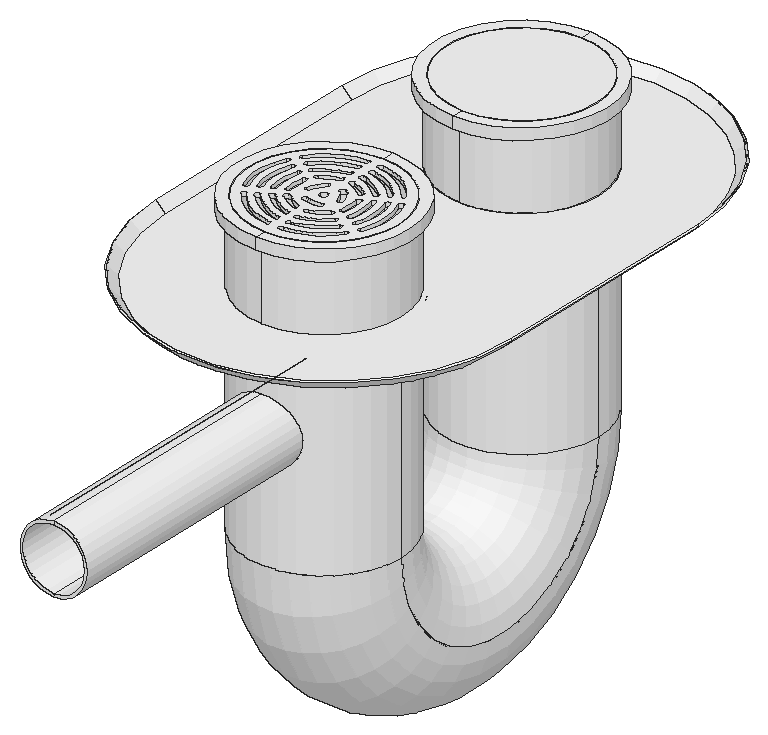
Revit family "C1600", category Plumbing Fixtures, host Face, Revit 2018
Family settings
  Host = Face
  Round Connector Dimension = Use Radius
  Part Type = Normal
  Cut with Voids When Loaded = No
  Shared = No
  Room Calculation Point = No
Parameters (values of type "C1602 -Ø2"")
  WFU = 0
  URL = "WWW.MIFAB.COM"
  STRAINER DIA = 0' - 5"
  Pipe Radius = Pipe Diameter / 2  # 0' - 1"
  Pipe Diameter = 0' - 2"
  Model = "C1602"
  Manufacturer = "MIFAB"
  Floor Drain Material = Paint - Sherwin Williams Paint - #952C2A - Bellwood Red
  Description = "DEEP SEAL TRAP WITH FLOOR CLEANOUT"
  Default Elevation = 0' - 0"
  CWFU = 0
  Assembly Code = ""
  ADJUSTMENT = 0' - 2 5/8"
  A = 0' - 5 3/8"
Types (4): name | STRAINER DIA | Pipe Radius | Pipe Diameter | Model | A
  (no name) | 0' - 5" | 0' - 1" | 0' - 2" | "C1602" | 0' - 5 3/8"
  C1602 -Ø2" | 0' - 5" | 0' - 1" | 0' - 2" | "C1602" | 0' - 5 3/8"
  C1603 -Ø3" | 0' - 6" | 0' - 1 1/2" | 0' - 3" | "C1603" | 0' - 6"
  C1604 -Ø4" | 0' - 7" | 0' - 2" | 0' - 4" | "C1604" | 0' - 6 1/4"
Reference planes (in)
  plane 1 "Center (Front/Back)": y = 0
  plane 2: z = 0
  plane 3 "Center (Left/Right)": x = 0
  plane 4: y = -1
  plane 5: y = 1
  plane 6: x = -2.5
  plane 7: x = 2.5
  plane 8: y = 2.5
  plane 9: y = -2.5
  plane 10: y = -5.5
  plane 11: y = -10.5
  plane 12: y = -8
  plane 13: z = -13.625
  plane 14: z = -2.69556
  plane 15: z = -11.125
  plane 16: z = -5.75
  plane 17: z = -2.625
  plane 18: z = -4.75
  plane 19: z = -6.75
  plane 20: z = -16.125
  plane 21: z = -4.65625
Forms (in)
  Sweep 1, solid, material "Paint - Sherwin Williams Paint - #952C2A - Bellwood Red" <- "Floor Drain Material"
    path origin (0, 0, 0) x (0, 1, 0) y (0, 0, 1)
      loop
        line (0, -2.625) -> (0, -9.62503)
        arc (0, -9.62503) -> (-4, -13.62503) -> (-8, -9.62503) r 4
        line (-8, -9.62503) -> (-8, -2.69556)
    profile origin (0, 0, -6.12501) x (1, 0, 0) y (0, 1, 0)
      loop
        circle (0, 0) r 2.5061
      loop
        circle (0, 0) r 2.38226
  Revolve 2, solid, material "Paint - Sherwin Williams Paint - #952C2A - Bellwood Red" <- "Floor Drain Material"
    sketch origin (0, 0, 0) x (0, 1, 0) y (0, 0, 1)
      loop
        line (-8, -4.65625) -> (-18.92216, -4.65625) -> (-18.92216, -4.75) -> (-8, -4.75) -> (-8, -4.65625)
      axis (-8, -5.75) -> (-18.92216, -5.75)
    angle from 0 to 360
  Revolve 3, solid, material "Paint - Sherwin Williams Paint - #952C2A - Bellwood Red" <- "Floor Drain Material"
    sketch origin (0, 0, 0) x (0, 1, 0) y (0, 0, 1)
      loop
        line (-2.77475, 0) -> (-2.77475, -0.37048) -> (-2.5, -0.37048) -> (-2.5, -2.69556) -> (-2.65804, -2.69556) -> (-2.65804, -3.44556) -> (0, -3.44556) -> (0, -2.69556) -> (-2.40804, -2.69556) -> (-2.40804, 0) -> (-2.77475, 0)
      axis (0, -3.44556) -> (0, 0)
    angle from 0 to 360
  Revolve 4, solid, material "Paint - Sherwin Williams Paint - #952C2A - Bellwood Red" <- "Floor Drain Material"
    sketch origin (0, -8, 0) x (0, 1, 0) y (0, 0, 1)
      loop
        line (-2.77475, 0) -> (-2.77475, -0.37048) -> (-2.5, -0.37048) -> (-2.5, -2.69556) -> (-2.65804, -2.69556) -> (-2.65804, -3.44556) -> (-2.40804, -3.44556) -> (-2.40804, 0) -> (-2.77475, 0)
      axis (0, -3.44556) -> (0, 0)
    angle from 0 to 360
  Extrusion 5, solid, material "Paint - Sherwin Williams Paint - #952C2A - Bellwood Red" <- "Floor Drain Material"
    sketch origin (0, 0, 0) x (1, 0, 0) y (0, 1, 0)
      loop
        arc (-5.44644, -7.61121) -> (0, -13.05765) -> (5.44644, -7.61121) r 5.44644
        line (5.44644, -7.61121) -> (5.44644, -0.08145)
        arc (5.44644, -0.08145) -> (0, 5.365) -> (-5.44644, -0.08145) r 5.44644
        line (-5.44644, -0.08145) -> (-5.44644, -7.61121)
      loop
        circle (0, 0) r 2.5061
      loop
        circle (0, -8) r 2.5
    from -2.69556 to -2.625
  Sweep 6, solid, material "Paint - Sherwin Williams Paint - #952C2A - Bellwood Red" <- "Floor Drain Material"
    path in 3D
      loop
        arc (5.44644, -0.08145, -2.625) -> (0, 5.365, -2.625) -> (-5.44644, -0.08145, -2.625) r 5.44644
        line (-5.44644, -0.08145, -2.625) -> (-5.44644, -7.61121, -2.625)
        arc (-5.44644, -7.61121, -2.625) -> (0, -13.05765, -2.625) -> (5.44644, -7.61121, -2.625) r 5.44644
        line (5.44644, -7.61121, -2.625) -> (5.44644, -0.08145, -2.625)
    profile origin (5.44644, -3.84633, -2.625) x (-1, 0, 0) y (0, 0, 1)
      loop
        line (0, 0) -> (-0.29693, 0.29693) -> (-0.3322, 0.26165) -> (0, -0.07056) -> (0, 0)
  Extrusion 7, solid, material "Paint - Sherwin Williams Paint - #952C2A - Bellwood Red" <- "Floor Drain Material"
    sketch origin (0, 0, 0) x (1, 0, 0) y (0, 1, 0)
      loop
        circle (0, 0) r 2.40804
    from 0 to -0.11415
Cuts and joins
  joined: Extrusion 5, Sweep 6
Lines and regions (in)
  model lines, not visible
    curve 1: line (6.7156, 0, 9.07611) -> (12.5156, 0, 9.07611)
    curve 2: line (12.5156, 0, 9.07611) -> (12.5156, 0, 10.82611)
    curve 3: line (12.5156, 0, 10.82611) -> (6.7156, 0, 10.82611)
    curve 4: line (6.7156, 0, 10.82611) -> (6.7156, 0, 9.07611)
    curve 5: line (7.13163, 0, 10.86539) -> (7.13163, 0, 12.86539)
    curve 6: line (7.13163, 0, 12.86539) -> (15.53163, 0, 12.86539)
    curve 7: line (15.53163, 0, 12.86539) -> (15.53163, 0, 10.86539)
    curve 8: line (11.33163, 0, 12.86539) -> (11.33163, 0, 12.36539)
    curve 9: line (0, 28.52778, -10.8585) -> (0, 28.52778, -8.6085)
    curve 10: line (0, 28.52778, -8.6085) -> (0, 21.02778, -8.6085)
    curve 11: line (0, 21.02778, -8.6085) -> (0, 21.02778, -10.8585)
    curve 12: line (0, 24.77778, -8.6085) -> (0, 24.77778, -9.1085)
    curve 13: line (13.30546, 0, 10.44272) -> (13.30546, 0, 12.69272)
    curve 14: line (13.30546, 0, 12.69272) -> (26.80546, 0, 12.69272)
    curve 15: line (26.80546, 0, 12.69272) -> (26.80546, 0, 10.44272)
    curve 16: line (20.05546, 0, 12.69272) -> (20.05546, 0, 13.19272)
    curve 17: line (0, -528.7289, 568.94714) -> (0, -528.7289, 570.44714)
    curve 18: line (0, -528.7289, 570.44714) -> (0, -535.4789, 570.44714)
    curve 19: line (0, -535.4789, 570.44714) -> (0, -535.4789, 568.94714)
    curve 20: line (0, -532.1039, 570.44714) -> (0, -532.1039, 572.44714)
  sketch lines
    curve 21: line (5.44644, -7.61121, -2.625) -> (5.44644, -0.08145, -2.625)
    curve 22: arc (-5.44644, -0.08145, -2.625) -> (0, 5.365, -2.625) -> (5.44644, -0.08145, -2.625) r 5.44644
    curve 23: line (-5.44644, -0.08145, -2.625) -> (-5.44644, -7.61121, -2.625)
    curve 24: arc (5.44644, -7.61121, -2.625) -> (0, -13.05765, -2.625) -> (-5.44644, -7.61121, -2.625) r 5.44644
Dimensions and locks (in)
  equal spacing: plane 5, plane 1 "Center (Front/Back)", plane 4
  "Pipe Diameter": plane 5 to plane 4
  plane 1 "Center (Front/Back)" to plane 4 = 0' - 1"
  plane 20 to plane 2 = 1' - 4 1/8"
  locked: plane 10 to plane 11 at 5
  equal spacing: plane 10, plane 12, plane 11
  locked: plane 20 to plane 13 at 2.5
  plane 14 to level = 0' - 2.69556"
  locked: plane 20 to plane 17 at 13.5
  "A": plane 16 to plane 15
  "Pipe Radius": plane 18 to plane 16
  "Pipe Diameter": plane 19 to plane 18
  plane 16 to plane 18 = 0' - 1"
  equal spacing: Extrusion 5 sketch curve, plane 3 "Center (Left/Right)", Extrusion 5 sketch curve
  locked: plane 14 to plane 17 at 0.07056
  "ADJUSTMENT": plane 17 to plane 2
  locked: plane 13 to plane 15 at 2.5
  locked: plane 18 to plane 21 at 0.09375
  equal spacing: plane 8, plane 1 "Center (Front/Back)", plane 9
  "STRAINER DIA": plane 8 to plane 9
  Revolve 3 sketch curve to Revolve 3 sketch curve to Revolve 3 sketch curve = 0' - 0.09196" locked, 0' - 0.27475" locked
  locked: plane 9 to Revolve 3 sketch curve at 0.15804
  aligned and locked: plane 2 to host face
  aligned and locked: level to host face
  aligned and locked: plane 12 to Revolve 2 sketch curve
  aligned and locked: plane 14 to cut or joined group of Extrusion 5, Sweep 6
  aligned and locked: plane 17 to cut or joined group of Extrusion 5, Sweep 6
  aligned and locked: plane 14 to Revolve 4 sketch curve
  aligned and locked: Revolve 2 sketch curve to plane 18
  aligned and locked: Sweep 1 sketch curve to plane 12
  aligned and locked: Revolve 2 sketch curve to plane 21
  aligned and locked: Sweep 1 sketch curve to cut or joined group of Extrusion 5, Sweep 6
  aligned and locked: Extrusion 7 to level
  aligned and locked: plane 1 "Center (Front/Back)" to Revolve 3 sketch curve
  aligned and locked: plane 9 to Revolve 3 sketch curve
  aligned and locked: Revolve 4 to Revolve 3 sketch curve
Automatic sketch dimensions
  curve 5 to curve 7 = 0' - 8.4"
  curve 5 to curve 8 = 0' - 4.2"
  curve 5 to curve 5 = 0' - 2"
  curve 7 to curve 6 = 0' - 2"
  curve 8 to curve 8 = 0' - 0 1/2"
  host sketch curve to host sketch curve = 8' - 0"  (x2)
  Sweep 1 sketch curve to Sweep 1 sketch curve = 0' - 0"  (x2)
  Sweep 1 sketch curve to plane 3 "Center (Left/Right)" = 0' - 0"
  profile plane to Sweep 1 sketch curve = 0' - 0"
  Revolve 2 sketch curve to plane 16 = 0' - 0"
  Revolve 2 sketch curve to plane 11 = 0' - 8.42216"
  Revolve 2 sketch curve to plane 11 = 0' - 3.67216"
  Revolve 2 sketch curve to Revolve 2 sketch curve = 0' - 0 3/4"
  Revolve 4 sketch curve to level = 0' - 0"
  Revolve 4 sketch curve to plane 11 = 0' - 0"
  Revolve 4 sketch curve to plane 12 = 0' - 0"
  Revolve 4 sketch curve to plane 11 = 0' - 0.15804"
  Revolve 4 sketch curve to plane 11 = 0' - 0.27475"
  plane 11 to Revolve 4 sketch curve = 0' - 0.09196"
  plane 14 to Revolve 4 sketch curve = 0' - 0 3/4"
  Revolve 4 sketch curve to level = 0' - 0.37048"
  Revolve 4 sketch curve to plane 14 = 0' - 0.58054"
  Revolve 4 sketch curve to Revolve 4 sketch curve = 0' - 0.4106"
  Sweep 6 sketch curve to profile plane = 0' - 0"  (x2)
  Sweep 6 sketch curve to Sweep 6 sketch curve = 0' - 0.03528"  (x2)
  profile plane to Sweep 6 sketch curve = 0' - 0.26165"
  plane 1 "Center (Front/Back)" to Extrusion 5 sketch curve = 0' - 0"
  Extrusion 5 sketch curve to plane 3 "Center (Left/Right)" = 0' - 0"  (x2)
  plane 12 to Extrusion 5 sketch curve = 0' - 0"
  Extrusion 5 sketch curve to plane 12 = 0' - 0.38879"
  plane 6 to Extrusion 5 sketch curve = 0' - 2.94644"
  plane 1 "Center (Front/Back)" to Extrusion 5 sketch curve = 0' - 0.08145"
  plane 14 to Sweep 1 sketch curve = 0' - 0"
  plane 17 to Sweep 1 sketch curve = 0' - 0"
  plane 15 to Sweep 1 sketch curve = 0' - 1.49997"
  Revolve 3 sketch curve to level = 0' - 0"
  plane 14 to Revolve 3 sketch curve = 0' - 0"  (x2)
  Revolve 3 sketch curve to plane 1 "Center (Front/Back)" = 0' - 0"
  Revolve 3 sketch curve to level = 0' - 0.37048"
  plane 17 to Revolve 3 sketch curve = 0' - 0.50999"
  Revolve 3 sketch curve to Revolve 3 sketch curve = 0' - 0.4106"
  Extrusion 7 sketch curve to Extrusion 7 sketch curve = 0' - 0"  (x2)
  Extrusion 7 sketch curve to plane 3 "Center (Left/Right)" = 0' - 0"
  plane 1 "Center (Front/Back)" to Extrusion 7 sketch curve = 0' - 0"
  plane 9 to Extrusion 7 sketch curve = 0' - 0.09196"
  radius of Sweep 1 sketch curve = 0' - 2.5061"
  radius of Sweep 1 sketch curve = 0' - 2.38226"
  radius of Extrusion 5 sketch curve = 0' - 2.5061"
  radius of Extrusion 5 sketch curve = 0' - 2 1/2"
Nested families (in)
  nested 1: "Family1" at (0, -8, -0.11415), type "Family1"
Connectors (in)
  piping at (0, -18.92216, -5.75), diameter 2, driven by "Pipe Radius"
    settings: on Revolve 2, index 1, connector inside diameter 24", connector length 0' - 0", flow factor 0, pipe flow 0 GPM, pressure drop 0.00 psi, fitting loss kfactor 0, connector angle 0.00°, fixture units 0, engagement length 0' - 0", angle of deflection 0.00°, flow configuration 0, flow direction 0, fitting loss method 0, system type 7, joint type 0, gender type 0, connector reference index -1, connector utility 0, adjustable connector no, is connector primary yes, connector description ""
Definition of nested family "Family1"
  Parameters (values of type "Family1")
    Floor Drain Material = none
  Reference planes (in)
    plane 1 "Center (Front/Back)": y = 0
    plane 2: z = 0
    plane 3 "Center (Left/Right)": x = 0
    plane 4: through (0, 0, 47.24409) normal (-0.5, -0.866, 0)
    plane 5: through (0, 0, 47.24409) normal (-0.5, 0.866, 0)
  Forms (in)
    Extrusion 1, solid, material <- "Floor Drain Material"
      sketch origin (0, 0, 0) x (-1, 0, 0) y (0, -1, 0)
        loop
          circle (0, 0) r 0.12808
        loop
          arc (1.92872, 0.8571) -> (1.81851, 0.89568) -> (1.77768, 0.78627) r 0.08343
          arc (1.77768, 0.78627) -> (1.9424, 0.00098) -> (1.77058, -0.78279) r 1.913
          arc (1.77058, -0.78279) -> (1.8102, -0.89205) -> (1.92027, -0.85472) r 0.08306
          arc (1.92027, -0.85472) -> (2.12666, 0.00019) -> (1.92872, 0.8571) r 1.913
        loop
          arc (1.63752, 0.66126) -> (1.52724, 0.71394) -> (1.47283, 0.6045) r 0.08711
          arc (1.47283, 0.6045) -> (1.56756, -0.01032) -> (1.46002, -0.62303) r 1.913
          arc (1.46002, -0.62303) -> (1.51165, -0.7327) -> (1.62217, -0.6829) r 0.08643
          arc (1.62217, -0.6829) -> (1.7518, -0.01222) -> (1.63752, 0.66126) r 1.913
        loop
          arc (1.3142, 0.49642) -> (1.20604, 0.56037) -> (1.14083, 0.45297) r 0.08937
          arc (1.14083, 0.45297) -> (1.1928, -0.01078) -> (1.13095, -0.47331) r 1.913
          arc (1.13095, -0.47331) -> (1.19339, -0.58141) -> (1.30229, -0.52035) r 0.08885
          arc (1.30229, -0.52035) -> (1.37704, -0.01277) -> (1.3142, 0.49642) r 1.913
        loop
          arc (0.97544, 0.32973) -> (0.87125, 0.40429) -> (0.79589, 0.30067) r 0.09095
          arc (0.79589, 0.30067) -> (0.81816, 0.00699) -> (0.79508, -0.28663) r 1.913
          arc (0.79508, -0.28663) -> (0.8701, -0.3904) -> (0.97446, -0.31619) r 0.0909
          arc (0.97446, -0.31619) -> (1.00241, 0.00673) -> (0.97544, 0.32973) r 1.913
        loop
          arc (0.22209, -2.09887) -> (1.06316, -1.84183) -> (1.70034, -1.23564) r 1.913
          arc (1.70034, -1.23564) -> (1.67764, -1.12166) -> (1.5632, -1.14198) r 0.08306
          arc (1.5632, -1.14198) -> (0.97035, -1.68266) -> (0.20791, -1.93266) r 1.913
          arc (0.20791, -1.93266) -> (0.13357, -2.02271) -> (0.22209, -2.09887) r 0.08343
        loop
          arc (0.2461, -1.74877) -> (0.88648, -1.51099) -> (1.4025, -1.06338) r 1.913
          arc (1.4025, -1.06338) -> (1.39036, -0.94278) -> (1.26957, -0.9529) r 0.08643
          arc (1.26957, -0.9529) -> (0.79272, -1.35239) -> (0.21291, -1.57776) r 1.913
          arc (0.21291, -1.57776) -> (0.14533, -1.6796) -> (0.2461, -1.74877) r 0.08711
        loop
          arc (0.22718, -1.38634) -> (0.69958, -1.18616) -> (1.10178, -0.86764) r 1.913
          arc (1.10178, -0.86764) -> (1.10022, -0.7428) -> (0.97537, -0.74278) r 0.08885
          arc (0.97537, -0.74278) -> (0.60573, -1.02761) -> (0.17813, -1.21448) r 1.913
          arc (0.17813, -1.21448) -> (0.11773, -1.32465) -> (0.22718, -1.38634) r 0.08937
        loop
          arc (0.20217, -1.00962) -> (0.49538, -0.87148) -> (0.76106, -0.68581) r 1.913
          arc (0.76106, -0.68581) -> (0.77315, -0.55833) -> (0.64576, -0.54524) r 0.0909
          arc (0.64576, -0.54524) -> (0.40302, -0.71204) -> (0.13755, -0.8396) r 1.913
          arc (0.13755, -0.8396) -> (0.0855, -0.95667) -> (0.20217, -1.00962) r 0.09095
        loop
          arc (-1.92872, 0.8571) -> (-2.12666, 0.00019) -> (-1.92027, -0.85472) r 1.913
          arc (-1.92027, -0.85472) -> (-1.8102, -0.89205) -> (-1.77058, -0.78279) r 0.08306
          arc (-1.77058, -0.78279) -> (-1.9424, 0.00098) -> (-1.77768, 0.78627) r 1.913
          arc (-1.77768, 0.78627) -> (-1.81851, 0.89568) -> (-1.92872, 0.8571) r 0.08343
        loop
          arc (-1.63752, 0.66126) -> (-1.7518, -0.01222) -> (-1.62217, -0.6829) r 1.913
          arc (-1.62217, -0.6829) -> (-1.51165, -0.7327) -> (-1.46002, -0.62303) r 0.08643
          arc (-1.46002, -0.62303) -> (-1.56756, -0.01032) -> (-1.47283, 0.6045) r 1.913
          arc (-1.47283, 0.6045) -> (-1.52724, 0.71394) -> (-1.63752, 0.66126) r 0.08711
        loop
          arc (-1.3142, 0.49642) -> (-1.37704, -0.01277) -> (-1.30229, -0.52035) r 1.913
          arc (-1.30229, -0.52035) -> (-1.19339, -0.58141) -> (-1.13095, -0.47331) r 0.08885
          arc (-1.13095, -0.47331) -> (-1.1928, -0.01078) -> (-1.14083, 0.45297) r 1.913
          arc (-1.14083, 0.45297) -> (-1.20604, 0.56037) -> (-1.3142, 0.49642) r 0.08937
        loop
          arc (-0.97544, 0.32973) -> (-1.00241, 0.00673) -> (-0.97446, -0.31619) r 1.913
          arc (-0.97446, -0.31619) -> (-0.8701, -0.3904) -> (-0.79508, -0.28663) r 0.0909
          arc (-0.79508, -0.28663) -> (-0.81816, 0.00699) -> (-0.79589, 0.30067) r 1.913
          arc (-0.79589, 0.30067) -> (-0.87125, 0.40429) -> (-0.97544, 0.32973) r 0.09095
        loop
          arc (-0.22209, -2.09887) -> (-0.13357, -2.02271) -> (-0.20791, -1.93266) r 0.08343
          arc (-0.20791, -1.93266) -> (-0.97035, -1.68266) -> (-1.5632, -1.14198) r 1.913
          arc (-1.5632, -1.14198) -> (-1.67764, -1.12166) -> (-1.70034, -1.23564) r 0.08306
          arc (-1.70034, -1.23564) -> (-1.06316, -1.84183) -> (-0.22209, -2.09887) r 1.913
        loop
          arc (-0.2461, -1.74877) -> (-0.14533, -1.6796) -> (-0.21291, -1.57776) r 0.08711
          arc (-0.21291, -1.57776) -> (-0.79272, -1.35239) -> (-1.26957, -0.9529) r 1.913
          arc (-1.26957, -0.9529) -> (-1.39036, -0.94278) -> (-1.4025, -1.06338) r 0.08643
          arc (-1.4025, -1.06338) -> (-0.88648, -1.51099) -> (-0.2461, -1.74877) r 1.913
        loop
          arc (-0.22718, -1.38634) -> (-0.11773, -1.32465) -> (-0.17813, -1.21448) r 0.08937
          arc (-0.17813, -1.21448) -> (-0.60573, -1.02761) -> (-0.97537, -0.74278) r 1.913
          arc (-0.97537, -0.74278) -> (-1.10022, -0.7428) -> (-1.10178, -0.86764) r 0.08885
          arc (-1.10178, -0.86764) -> (-0.69958, -1.18616) -> (-0.22718, -1.38634) r 1.913
        loop
          arc (-0.20217, -1.00962) -> (-0.0855, -0.95667) -> (-0.13755, -0.8396) r 0.09095
          arc (-0.13755, -0.8396) -> (-0.40302, -0.71204) -> (-0.64576, -0.54524) r 1.913
          arc (-0.64576, -0.54524) -> (-0.77315, -0.55833) -> (-0.76106, -0.68581) r 0.0909
          arc (-0.76106, -0.68581) -> (-0.49538, -0.87148) -> (-0.20217, -1.00962) r 1.913
        loop
          arc (-1.70663, 1.24177) -> (-1.68493, 1.12703) -> (-1.56977, 1.14638) r 0.08343
          arc (-1.56977, 1.14638) -> (-0.97205, 1.68168) -> (-0.20738, 1.92476) r 1.913
          arc (-0.20738, 1.92476) -> (-0.13256, 2.01371) -> (-0.21993, 2.09036) r 0.08306
          arc (-0.21993, 2.09036) -> (-1.0635, 1.84164) -> (-1.70663, 1.24177) r 1.913
        loop
          arc (-1.39143, 1.08751) -> (-1.38191, 0.96566) -> (-1.25993, 0.97326) r 0.08711
          arc (-1.25993, 0.97326) -> (-0.77484, 1.36271) -> (-0.19045, 1.57593) r 1.913
          arc (-0.19045, 1.57593) -> (-0.12129, 1.67548) -> (-0.21967, 1.74629) r 0.08643
          arc (-0.21967, 1.74629) -> (-0.86532, 1.52321) -> (-1.39143, 1.08751) r 1.913
        loop
          arc (-1.08701, 0.88992) -> (-1.08832, 0.76428) -> (-0.9627, 0.76151) r 0.08937
          arc (-0.9627, 0.76151) -> (-0.58707, 1.03839) -> (-0.15558, 1.21608) r 1.913
          arc (-0.15558, 1.21608) -> (-0.09318, 1.32422) -> (-0.2005, 1.38799) r 0.08885
          arc (-0.2005, 1.38799) -> (-0.67746, 1.19893) -> (-1.08701, 0.88992) r 1.913
        loop
          arc (-0.77327, 0.67989) -> (-0.78575, 0.55238) -> (-0.65833, 0.53892) r 0.09095
          arc (-0.65833, 0.53892) -> (-0.41513, 0.70505) -> (-0.14931, 0.83187) r 1.913
          arc (-0.14931, 0.83187) -> (-0.09696, 0.94873) -> (-0.2134, 1.002) r 0.0909
          arc (-0.2134, 1.002) -> (-0.50703, 0.86475) -> (-0.77327, 0.67989) r 1.913
        loop
          arc (1.70663, 1.24177) -> (1.0635, 1.84164) -> (0.21993, 2.09036) r 1.913
          arc (0.21993, 2.09036) -> (0.13256, 2.01371) -> (0.20738, 1.92476) r 0.08306
          arc (0.20738, 1.92476) -> (0.97205, 1.68168) -> (1.56977, 1.14638) r 1.913
          arc (1.56977, 1.14638) -> (1.68493, 1.12703) -> (1.70663, 1.24177) r 0.08343
        loop
          arc (1.39143, 1.08751) -> (0.86532, 1.52321) -> (0.21967, 1.74629) r 1.913
          arc (0.21967, 1.74629) -> (0.12129, 1.67548) -> (0.19045, 1.57593) r 0.08643
          arc (0.19045, 1.57593) -> (0.77484, 1.36271) -> (1.25993, 0.97326) r 1.913
          arc (1.25993, 0.97326) -> (1.38191, 0.96566) -> (1.39143, 1.08751) r 0.08711
        loop
          arc (1.08701, 0.88992) -> (0.67746, 1.19893) -> (0.2005, 1.38799) r 1.913
          arc (0.2005, 1.38799) -> (0.09318, 1.32422) -> (0.15558, 1.21608) r 0.08885
          arc (0.15558, 1.21608) -> (0.58707, 1.03839) -> (0.9627, 0.76151) r 1.913
          arc (0.9627, 0.76151) -> (1.08832, 0.76428) -> (1.08701, 0.88992) r 0.08937
        loop
          arc (0.77327, 0.67989) -> (0.50703, 0.86475) -> (0.2134, 1.002) r 1.913
          arc (0.2134, 1.002) -> (0.09696, 0.94873) -> (0.14931, 0.83187) r 0.0909
          arc (0.14931, 0.83187) -> (0.41513, 0.70505) -> (0.65833, 0.53892) r 1.913
          arc (0.65833, 0.53892) -> (0.78575, 0.55238) -> (0.77327, 0.67989) r 0.09095
        loop
          arc (-0.31144, -0.52314) -> (-0.18309, -0.51115) -> (-0.18995, -0.38242) r 0.09303
          arc (-0.18995, -0.38242) -> (-0.33456, -0.2021) -> (-0.42251, 0.01165) r 0.81205
          arc (-0.42251, 0.01165) -> (-0.53289, 0.08033) -> (-0.60565, -0.02741) r 0.09369
          arc (-0.60565, -0.02741) -> (-0.50401, -0.30226) -> (-0.31144, -0.52314) r 0.81205
        loop
          arc (0.31144, -0.52314) -> (0.50401, -0.30226) -> (0.60565, -0.02741) r 0.81205
          arc (0.60565, -0.02741) -> (0.53289, 0.08033) -> (0.42251, 0.01165) r 0.09369
          arc (0.42251, 0.01165) -> (0.33456, -0.2021) -> (0.18995, -0.38242) r 0.81205
          arc (0.18995, -0.38242) -> (0.18309, -0.51115) -> (0.31144, -0.52314) r 0.09303
        loop
          arc (-0.29733, 0.53129) -> (-0.35113, 0.41413) -> (-0.23621, 0.35571) r 0.09303
          arc (-0.23621, 0.35571) -> (-0.00775, 0.39079) -> (0.22135, 0.36008) r 0.81205
          arc (0.22135, 0.36008) -> (0.33601, 0.42134) -> (0.27909, 0.53821) r 0.09369
          arc (0.27909, 0.53821) -> (-0.00976, 0.58762) -> (-0.29733, 0.53129) r 0.81205
        loop
          circle (0, 0) r 2.4082
      from 0.11415 to 0
  Lines and regions (in)
    model lines, not visible
      curve 1: line (2.88407, -5.8579, 0) -> (2.88407, -1.04149, 0)
      curve 2: line (2.88407, -1.04149, 0) -> (4.65573, -1.04149, 0)
      curve 3: line (2.88407, -5.8579, 0) -> (4.65573, -5.8579, 0)
      curve 4: line (2.88407, -3.44969, 0) -> (3.47462, -3.44969, 0)
  Dimensions and locks (in)
    aligned and locked: level to plane 2
